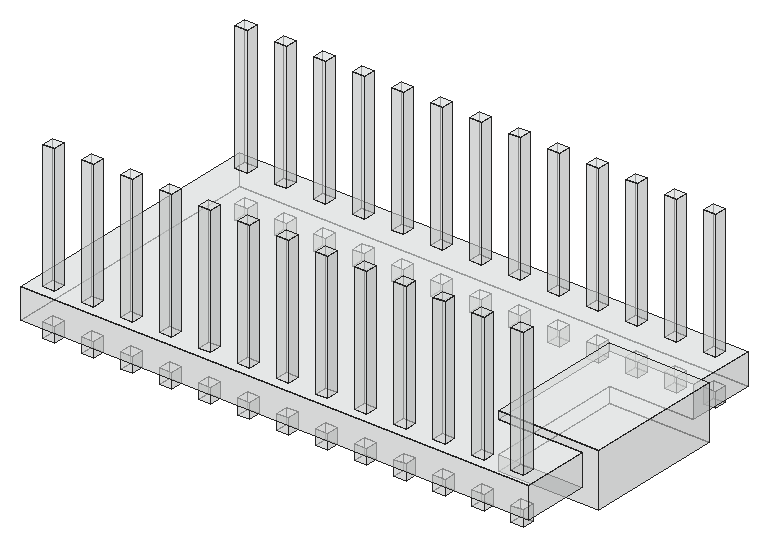
Revit family "PRO_MICRO-NRF52840", category Sistema de mobiliário, Revit 2024
Family settings
  Cota do conector redondo = Utilizar diâmetro
  Tipo de parte = Normal
  Com base no plano de trabalho = Não
  Ativar corte nas vistas = Não
  Sempre na vertical = Sim
  Corte com vazios quando carregada = Não
  Compartilhado = Não
  Ponto de cálculo do ambiente = Não
Parameters
  Elevação padrão = 0 mm
Reference planes
  plane 1 "Centro (Frente/Trás)": y = 0
  plane 2: z = 0
  plane 3 "Centro (Esquerda/Direita)": x = 0
Forms (mm)
  Extrusion 1, solid, material ".CHIP"
    sketch origin (0, 0, 0) x (1, 0, 0) y (0, 1, 0)
      loop
        line (-16.5, 8.89) -> (-16.5, -8.89) -> (16.5, -8.89) -> (16.5, 8.89) -> (-16.5, 8.89)
    from 3 to 1
  Extrusion 2, solid, material ".CHIP"
    sketch origin (0, 0.781, 0) x (1, 0, 0) y (0, 1, 0)
      loop
        line (-15.6, 7.433) -> (-15.6, 6.633) -> (-14.8, 6.633) -> (-14.8, 7.433) -> (-15.6, 7.433)
      loop
        line (14.8, 7.433) -> (14.8, 6.633) -> (15.6, 6.633) -> (15.6, 7.433) -> (14.8, 7.433)
      loop
        line (12.267, 7.433) -> (12.267, 6.633) -> (13.067, 6.633) -> (13.067, 7.433) -> (12.267, 7.433)
      loop
        line (9.733, 7.433) -> (9.733, 6.633) -> (10.533, 6.633) -> (10.533, 7.433) -> (9.733, 7.433)
      loop
        line (7.2, 7.433) -> (7.2, 6.633) -> (8, 6.633) -> (8, 7.433) -> (7.2, 7.433)
      loop
        line (4.667, 7.433) -> (4.667, 6.633) -> (5.467, 6.633) -> (5.467, 7.433) -> (4.667, 7.433)
      loop
        line (2.133, 7.433) -> (2.133, 6.633) -> (2.933, 6.633) -> (2.933, 7.433) -> (2.133, 7.433)
      loop
        line (-0.4, 7.433) -> (-0.4, 6.633) -> (0.4, 6.633) -> (0.4, 7.433) -> (-0.4, 7.433)
      loop
        line (-2.933, 7.433) -> (-2.933, 6.633) -> (-2.133, 6.633) -> (-2.133, 7.433) -> (-2.933, 7.433)
      loop
        line (-5.467, 7.433) -> (-5.467, 6.633) -> (-4.667, 6.633) -> (-4.667, 7.433) -> (-5.467, 7.433)
      loop
        line (-8, 7.433) -> (-8, 6.633) -> (-7.2, 6.633) -> (-7.2, 7.433) -> (-8, 7.433)
      loop
        line (-10.533, 7.433) -> (-10.533, 6.633) -> (-9.733, 6.633) -> (-9.733, 7.433) -> (-10.533, 7.433)
      loop
        line (-13.067, 7.433) -> (-13.067, 6.633) -> (-12.267, 6.633) -> (-12.267, 7.433) -> (-13.067, 7.433)
    from 11.3 to 0
  Extrusion 3, solid, material ".CHIP"
    sketch origin (0, -0.781, 0) x (1, 0, 0) y (0, 1, 0)
      loop
        line (-15.6, -7.433) -> (-14.8, -7.433) -> (-14.8, -6.633) -> (-15.6, -6.633) -> (-15.6, -7.433)
      loop
        line (14.8, -7.433) -> (15.6, -7.433) -> (15.6, -6.633) -> (14.8, -6.633) -> (14.8, -7.433)
      loop
        line (12.267, -7.433) -> (13.067, -7.433) -> (13.067, -6.633) -> (12.267, -6.633) -> (12.267, -7.433)
      loop
        line (9.733, -7.433) -> (10.533, -7.433) -> (10.533, -6.633) -> (9.733, -6.633) -> (9.733, -7.433)
      loop
        line (7.2, -7.433) -> (8, -7.433) -> (8, -6.633) -> (7.2, -6.633) -> (7.2, -7.433)
      loop
        line (4.667, -7.433) -> (5.467, -7.433) -> (5.467, -6.633) -> (4.667, -6.633) -> (4.667, -7.433)
      loop
        line (2.133, -7.433) -> (2.933, -7.433) -> (2.933, -6.633) -> (2.133, -6.633) -> (2.133, -7.433)
      loop
        line (-0.4, -7.433) -> (0.4, -7.433) -> (0.4, -6.633) -> (-0.4, -6.633) -> (-0.4, -7.433)
      loop
        line (-2.933, -7.433) -> (-2.133, -7.433) -> (-2.133, -6.633) -> (-2.933, -6.633) -> (-2.933, -7.433)
      loop
        line (-5.467, -7.433) -> (-4.667, -7.433) -> (-4.667, -6.633) -> (-5.467, -6.633) -> (-5.467, -7.433)
      loop
        line (-8, -7.433) -> (-7.2, -7.433) -> (-7.2, -6.633) -> (-8, -6.633) -> (-8, -7.433)
      loop
        line (-10.533, -7.433) -> (-9.733, -7.433) -> (-9.733, -6.633) -> (-10.533, -6.633) -> (-10.533, -7.433)
      loop
        line (-13.067, -7.433) -> (-12.267, -7.433) -> (-12.267, -6.633) -> (-13.067, -6.633) -> (-13.067, -7.433)
    from 11.3 to 0
  Extrusion 4, solid, material ".CHIP"
    sketch origin (0, 0, 0) x (1, 0, 0) y (0, 1, 0)
      loop
        line (17.5, 4.5) -> (11, 4.5) -> (11, -4.5) -> (17.5, -4.5) -> (17.5, 4.5)
    from 3.5 to 0
Cuts and joins
  joined: Extrusion 1, Extrusion 2, Extrusion 3, Extrusion 4
Dimensions and locks
  Extrusion 1 to Extrusion 1 = 33 mm
  Extrusion 2 to Extrusion 2 = 31.2 mm
  Extrusion 1 to Extrusion 1 = 17.78 mm
  aligned and locked: level to plane 2
